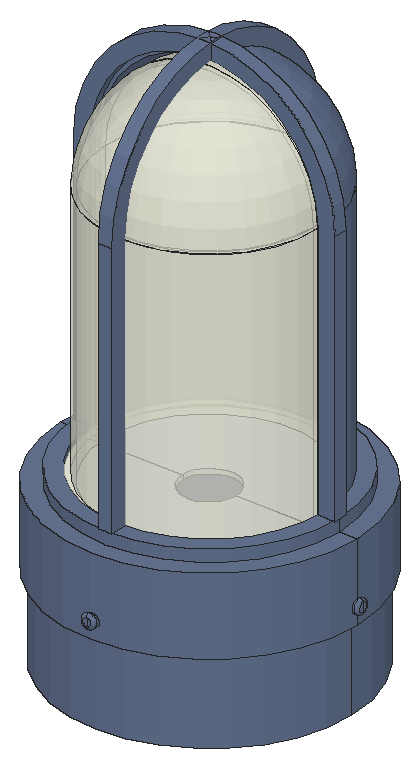
Revit family "PR13", category Generic Models, Revit 2024
Family settings
  Can host rebar = No
  Round Connector Dimension = Use Diameter
  Part Type = Normal
  Work Plane-Based = No
  Always vertical = Yes
  Cut with Voids When Loaded = No
  Maintain Annotation Orientation = No
  Shared = No
  Room Calculation Point = No
Parameters
  Default Elevation = 0' - 0"
Reference planes (in)
  plane 1 "Center (Front/Back)": y = 0
  plane 2: z = 0
  plane 3 "Center (Left/Right)": x = 0
Forms (in)
  Revolve 1, solid
    sketch origin (0, 0, 0) x (1, 0, 0) y (0, 0, 1)
      loop
        line (-3, 3.28125) -> (-3, 0) -> (-0.25, 0) -> (-0.25, 0.09375) -> (-2.90625, 0.09375) -> (-2.90625, 3.1875) -> (-0.568, 3.1875) -> (-0.568, 3.28125) -> (-3, 3.28125)
      axis (0, 3.28125) -> (0, 0)
    angle from 0 to 360
  Revolve 2, solid
    sketch origin (0, 0, 0) x (1, 0, 0) y (0, 0, 1)
      loop
        line (-3.125, 1.74992) -> (-3.03125, 1.74992) -> (-3.03125, 3.28125) -> (-2.65625, 3.28125) -> (-2.65625, 3.53125) -> (-2.41108, 3.53125) -> (-2.41108, 3.625) -> (-2.75, 3.625) -> (-2.75, 3.375) -> (-3.125, 3.375) -> (-3.125, 1.74992)
      axis (0, 3.625) -> (0, 1.74992)
    angle from 0 to 360
  Revolve 3, solid
    sketch origin (0, 0, -0.11551) x (1, 0, 0) y (0, 0, 1)
      loop
        line (-3.22718, 2.22976) -> (-2.90568, 2.22976) -> (-2.90568, 2.37976) -> (-3.16759, 2.37976)
        arc (-3.16759, 2.37976) -> (-3.20973, 2.36231) -> (-3.22718, 2.32017) r 0.0596
        line (-3.22718, 2.32017) -> (-3.22718, 2.22976)
      axis (-2.90568, 2.22976) -> (-3.22718, 2.22976)
    angle from 0 to 360
  Revolve 4, solid
    sketch origin (0, 0, -0.11551) x (0, -1, 0) y (0, 0, 1)
      loop
        line (-3.22718, 2.22976) -> (-2.90568, 2.22976) -> (-2.90568, 2.37976) -> (-3.16759, 2.37976)
        arc (-3.16759, 2.37976) -> (-3.20973, 2.36231) -> (-3.22718, 2.32017) r 0.0596
        line (-3.22718, 2.32017) -> (-3.22718, 2.22976)
      axis (-2.90568, 2.22976) -> (-3.22718, 2.22976)
    angle from 0 to 360
  Revolve 5, solid
    sketch origin (0, 0, -0.11551) x (0, 1, 0) y (0, 0, 1)
      loop
        line (-3.22718, 2.22976) -> (-2.90568, 2.22976) -> (-2.90568, 2.37976) -> (-3.16759, 2.37976)
        arc (-3.16759, 2.37976) -> (-3.20973, 2.36231) -> (-3.22718, 2.32017) r 0.0596
        line (-3.22718, 2.32017) -> (-3.22718, 2.22976)
      axis (-2.90568, 2.22976) -> (-3.22718, 2.22976)
    angle from 0 to 360
  Revolve 6, solid
    sketch origin (0, 0, -0.11551) x (-1, 0, 0) y (0, 0, 1)
      loop
        line (-3.22718, 2.22976) -> (-2.90568, 2.22976) -> (-2.90568, 2.37976) -> (-3.16759, 2.37976)
        arc (-3.16759, 2.37976) -> (-3.20973, 2.36231) -> (-3.22718, 2.32017) r 0.0596
        line (-3.22718, 2.32017) -> (-3.22718, 2.22976)
      axis (-2.90568, 2.22976) -> (-3.22718, 2.22976)
    angle from 0 to 360
  Extrusion 7, solid, material "76"
    sketch origin (0, 0, 1.49985) x (1, 0, 0) y (0, 0, 1)
      loop
        line (-2.75, 2.12515) -> (-2.412, 2.12515) -> (-2.412, 7.5084)
        arc (-2.412, 7.5084) -> (-1.76179, 9.14738) -> (-0.17007, 9.906) r 2.41201
        arc (-0.17007, 9.906) -> (1.64124, 9.26751) -> (2.412, 7.5084) r 2.41201
        line (2.412, 7.5084) -> (2.412, 2.12515) -> (2.75, 2.12515) -> (2.75, 7.491)
        arc (2.75, 7.491) -> (0, 10.25) -> (-2.75, 7.491) r 2.75001
        line (-2.75, 7.491) -> (-2.75, 2.12515)
    from -0.142 to 0.142
  Extrusion 8, solid, material "76"
    sketch origin (0, 0, 1.49985) x (0, 1, 0) y (0, 0, 1)
      loop
        line (-2.75, 2.12515) -> (-2.412, 2.12515) -> (-2.412, 7.5084)
        arc (-2.412, 7.5084) -> (-1.76179, 9.14738) -> (-0.17007, 9.906) r 2.41201
        arc (-0.17007, 9.906) -> (1.64124, 9.26751) -> (2.412, 7.5084) r 2.41201
        line (2.412, 7.5084) -> (2.412, 2.12515) -> (2.75, 2.12515) -> (2.75, 7.491)
        arc (2.75, 7.491) -> (0, 10.25) -> (-2.75, 7.491) r 2.75001
        line (-2.75, 7.491) -> (-2.75, 2.12515)
    from -0.142 to 0.142
  Revolve 9, solid, material "VAPOR GLASS"
    sketch origin (0, 0, 1.49985) x (1, 0, 0) y (0, 0, 1)
      loop
        line (-2.287, 7.41479) -> (-2.287, 2.00718) -> (-2.61952, 2.00718) -> (-2.61952, 1.87515) -> (-2.19325, 1.87515) -> (-2.19325, 7.41462)
        arc (-2.19325, 7.41462) -> (-1.54803, 8.9603) -> (0, 9.59986) r 2.19326
        line (0, 9.59986) -> (0, 9.69361)
        arc (0, 9.69361) -> (-1.61426, 9.02666) -> (-2.287, 7.41479) r 2.28701
      axis (0, 9.69361) -> (0, 1.87515)
    angle from 0 to 360
  Revolve 10, solid
    sketch origin (0, 0, 1.50534) x (1, 0, 0) y (0, 0, 1)
      loop
        arc (0, 9.912) -> (-1.70257, 9.20851) -> (-2.412, 7.5084) r 2.41201
        line (-2.412, 7.5084) -> (-2.412, 2.11749) -> (-2.31825, 2.11749) -> (-2.31825, 7.50824)
        arc (-2.31825, 7.50824) -> (-1.63634, 9.14216) -> (0, 9.81825) r 2.31826
        line (0, 9.81825) -> (0, 9.912)
      axis (0, 9.912) -> (0, 2.11749)
    angle from 0 to 360
  Extrusion 11, void
    sketch origin (0, 0, 0) x (1, 0, 0) y (0, 0, 1)
      loop
        line (-2.412, 3.62284) -> (2.412, 3.62284) -> (2.412, 9.0084)
        arc (2.412, 9.0084) -> (0, 11.4204) -> (-2.412, 9.0084) r 2.412
        line (-2.412, 9.0084) -> (-2.412, 3.62284)
    from 0 to 12
Cuts and joins
  Extrusion 11 cuts Revolve 2
  Extrusion 11 cuts Revolve 10
Dimensions and locks (in)
  aligned and locked: plane 2 to level
